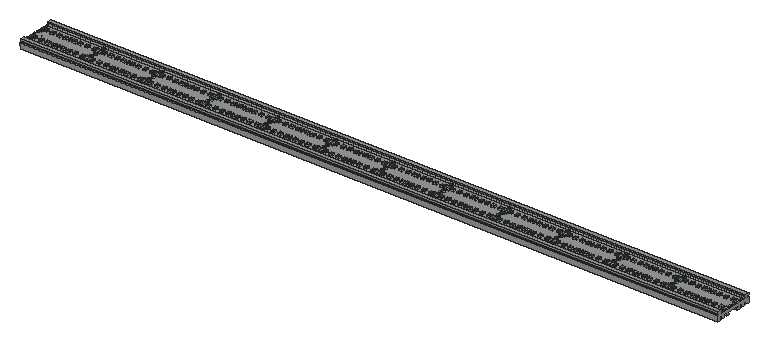
Revit family "LLED8050-UCW-4RF", category Lighting Fixtures, Revit 2017 (continued)
Forms (in)
  Extrusion 37, solid, material "Glass" <- "Bulb"
    sketch origin (-16, 0, 0) x (1, 0, 0) y (0, 1, 0)
      loop
        line (10.57569, 0.30974) -> (10.57569, 0.188) -> (10.69144, 0.188) -> (10.69144, 0.30974) -> (10.57569, 0.30974)
      loop
        line (10.34522, 0.30974) -> (10.34522, 0.188) -> (10.46097, 0.188) -> (10.46097, 0.30974) -> (10.34522, 0.30974)
      loop
        line (10.57569, -0.18786) -> (10.57569, -0.3096) -> (10.69144, -0.3096) -> (10.69144, -0.18786) -> (10.57569, -0.18786)
      loop
        line (10.34522, -0.18786) -> (10.34522, -0.3096) -> (10.46097, -0.3096) -> (10.46097, -0.18786) -> (10.34522, -0.18786)
      loop
        line (11.41152, 0.30974) -> (11.29577, 0.30974) -> (11.29577, 0.188) -> (11.41152, 0.188) -> (11.41152, 0.30974)
      loop
        line (11.64199, 0.30974) -> (11.52624, 0.30974) -> (11.52624, 0.188) -> (11.64199, 0.188) -> (11.64199, 0.30974)
      loop
        line (11.41152, -0.18786) -> (11.29577, -0.18786) -> (11.29577, -0.3096) -> (11.41152, -0.3096) -> (11.41152, -0.18786)
      loop
        line (11.64199, -0.18786) -> (11.52624, -0.18786) -> (11.52624, -0.3096) -> (11.64199, -0.3096) -> (11.64199, -0.18786)
    from -0.04963 to -0.12
  Extrusion 38, solid, material "Glass" <- "Bulb"
    sketch origin (-18, 0, 0) x (1, 0, 0) y (0, 1, 0)
      loop
        line (10.11087, 0.30974) -> (10.11087, 0.188) -> (10.22662, 0.188) -> (10.22662, 0.30974) -> (10.11087, 0.30974)
      loop
        line (10.78741, 0.30974) -> (10.78741, 0.188) -> (10.90316, 0.188) -> (10.90316, 0.30974) -> (10.78741, 0.30974)
      loop
        line (10.97221, 0.30974) -> (10.97221, 0.188) -> (11.015, 0.188) -> (11.015, 0.30974) -> (10.97221, 0.30974)
      loop
        line (11.88913, 0.30974) -> (11.77275, 0.30974) -> (11.77275, 0.188) -> (11.88913, 0.188) -> (11.88913, 0.30974)
      loop
        line (11.21259, 0.30974) -> (11.09684, 0.30974) -> (11.09684, 0.188) -> (11.21259, 0.188) -> (11.21259, 0.30974)
      loop
        line (10.11087, -0.3096) -> (10.22662, -0.3096) -> (10.22662, -0.18786) -> (10.11087, -0.18786) -> (10.11087, -0.3096)
      loop
        line (10.78741, -0.3096) -> (10.90316, -0.3096) -> (10.90316, -0.18786) -> (10.78741, -0.18786) -> (10.78741, -0.3096)
      loop
        line (10.97221, -0.3096) -> (11.015, -0.3096) -> (11.015, -0.18786) -> (10.97221, -0.18786) -> (10.97221, -0.3096)
      loop
        line (11.8885, -0.3096) -> (11.8885, -0.18786) -> (11.77275, -0.18786) -> (11.77275, -0.3096) -> (11.8885, -0.3096)
      loop
        line (11.21259, -0.3096) -> (11.21259, -0.18786) -> (11.09684, -0.18786) -> (11.09684, -0.3096) -> (11.21259, -0.3096)
      loop
        line (10.57569, 0.30974) -> (10.57569, 0.188) -> (10.69144, 0.188) -> (10.69144, 0.30974) -> (10.57569, 0.30974)
      loop
        line (10.34522, 0.30974) -> (10.34522, 0.188) -> (10.46097, 0.188) -> (10.46097, 0.30974) -> (10.34522, 0.30974)
      loop
        line (10.57569, -0.18786) -> (10.57569, -0.3096) -> (10.69144, -0.3096) -> (10.69144, -0.18786) -> (10.57569, -0.18786)
      loop
        line (10.34522, -0.18786) -> (10.34522, -0.3096) -> (10.46097, -0.3096) -> (10.46097, -0.18786) -> (10.34522, -0.18786)
      loop
        line (11.41152, 0.30974) -> (11.29577, 0.30974) -> (11.29577, 0.188) -> (11.41152, 0.188) -> (11.41152, 0.30974)
      loop
        line (11.64199, 0.30974) -> (11.52624, 0.30974) -> (11.52624, 0.188) -> (11.64199, 0.188) -> (11.64199, 0.30974)
      loop
        line (11.41152, -0.18786) -> (11.29577, -0.18786) -> (11.29577, -0.3096) -> (11.41152, -0.3096) -> (11.41152, -0.18786)
      loop
        line (11.64199, -0.18786) -> (11.52624, -0.18786) -> (11.52624, -0.3096) -> (11.64199, -0.3096) -> (11.64199, -0.18786)
    from -0.04963 to -0.12
  Extrusion 39, solid, material "Glass" <- "Bulb"
    sketch origin (-20, 0, 0) x (1, 0, 0) y (0, 1, 0)
      loop
        line (10.11087, 0.30974) -> (10.11087, 0.188) -> (10.22662, 0.188) -> (10.22662, 0.30974) -> (10.11087, 0.30974)
      loop
        line (10.78741, 0.30974) -> (10.78741, 0.188) -> (10.90316, 0.188) -> (10.90316, 0.30974) -> (10.78741, 0.30974)
      loop
        line (10.97221, 0.30974) -> (10.97221, 0.188) -> (11.015, 0.188) -> (11.015, 0.30974) -> (10.97221, 0.30974)
      loop
        line (11.88913, 0.30974) -> (11.77275, 0.30974) -> (11.77275, 0.188) -> (11.88913, 0.188) -> (11.88913, 0.30974)
      loop
        line (11.21259, 0.30974) -> (11.09684, 0.30974) -> (11.09684, 0.188) -> (11.21259, 0.188) -> (11.21259, 0.30974)
      loop
        line (10.11087, -0.3096) -> (10.22662, -0.3096) -> (10.22662, -0.18786) -> (10.11087, -0.18786) -> (10.11087, -0.3096)
      loop
        line (10.78741, -0.3096) -> (10.90316, -0.3096) -> (10.90316, -0.18786) -> (10.78741, -0.18786) -> (10.78741, -0.3096)
      loop
        line (10.97221, -0.3096) -> (11.015, -0.3096) -> (11.015, -0.18786) -> (10.97221, -0.18786) -> (10.97221, -0.3096)
      loop
        line (11.8885, -0.3096) -> (11.8885, -0.18786) -> (11.77275, -0.18786) -> (11.77275, -0.3096) -> (11.8885, -0.3096)
      loop
        line (11.21259, -0.3096) -> (11.21259, -0.18786) -> (11.09684, -0.18786) -> (11.09684, -0.3096) -> (11.21259, -0.3096)
      loop
        line (10.57569, 0.30974) -> (10.57569, 0.188) -> (10.69144, 0.188) -> (10.69144, 0.30974) -> (10.57569, 0.30974)
      loop
        line (10.34522, 0.30974) -> (10.34522, 0.188) -> (10.46097, 0.188) -> (10.46097, 0.30974) -> (10.34522, 0.30974)
      loop
        line (10.57569, -0.18786) -> (10.57569, -0.3096) -> (10.69144, -0.3096) -> (10.69144, -0.18786) -> (10.57569, -0.18786)
      loop
        line (10.34522, -0.18786) -> (10.34522, -0.3096) -> (10.46097, -0.3096) -> (10.46097, -0.18786) -> (10.34522, -0.18786)
      loop
        line (11.41152, 0.30974) -> (11.29577, 0.30974) -> (11.29577, 0.188) -> (11.41152, 0.188) -> (11.41152, 0.30974)
      loop
        line (11.64199, 0.30974) -> (11.52624, 0.30974) -> (11.52624, 0.188) -> (11.64199, 0.188) -> (11.64199, 0.30974)
      loop
        line (11.41152, -0.18786) -> (11.29577, -0.18786) -> (11.29577, -0.3096) -> (11.41152, -0.3096) -> (11.41152, -0.18786)
      loop
        line (11.64199, -0.18786) -> (11.52624, -0.18786) -> (11.52624, -0.3096) -> (11.64199, -0.3096) -> (11.64199, -0.18786)
    from -0.04963 to -0.12
Dimensions and locks (in)
  plane 5 to plane 8 = 0.300"
  "Length": plane 7 to plane 6
  plane 6 to plane 7 = 24.000"  (x2)
  level to plane 8 = 0.300"
  plane 6 to plane 3 "Light Source Axis (L/R)" to plane 7 = 12.000", 12.000"
  equal spacing: group 3, group 13, group 12, group 11, group 10, group 9, group 8, group 7, group 6, group 5, group 4, group 2
  equal spacing: group 2, group 4, group 5, group 6, group 7, group 8, group 9, group 10, group 11, group 12, group 13, group 3  (x2)
  equal spacing: plane 7, plane 3 "Light Source Axis (L/R)", plane 6
  plane 10 to plane 9 = 1.330"
  equal spacing: plane 10, plane 1 "Light Source Axis (F/B)", plane 9
  plane 9 to plane 10 = 1.330"
  aligned and locked: level to plane 2
  aligned and locked: Extrusion 15 to plane 6
  aligned and locked: Extrusion 15 to plane 7
  aligned and locked: plane 6 to Extrusion 15  (x2)
  aligned and locked: plane 7 to Extrusion 15
  aligned and locked: Extrusion 16 to plane 7
  aligned and locked: Extrusion 17 to plane 6
Automatic sketch dimensions
  Extrusion 15 sketch curve to level = 0.000"  (x2)
  Extrusion 15 sketch curve to plane 9 = 0.000"  (x2)
  Extrusion 15 sketch curve to plane 10 = 0.000"  (x2)
  plane 8 to Extrusion 15 sketch curve = 0.000"  (x6)
  Extrusion 15 sketch curve to level = 0.060"  (x3)
  Extrusion 15 sketch curve to Extrusion 15 sketch curve = 0.030"  (x2)
  Extrusion 15 sketch curve to Extrusion 15 sketch curve = 0.000"  (x2)
  Extrusion 15 sketch curve to Extrusion 15 sketch curve = 0.060"
  Extrusion 15 sketch curve to plane 8 = 0.100"  (x3)
  Extrusion 15 sketch curve to Extrusion 15 sketch curve = 0.080"
  Extrusion 15 sketch curve to plane 8 = 0.050"  (x2)
  Extrusion 15 sketch curve to Extrusion 15 sketch curve = 0.067"
  Extrusion 15 sketch curve to Extrusion 15 sketch curve = 0.033"
  Extrusion 15 sketch curve to Extrusion 15 sketch curve = 0.078"  (x2)
  Extrusion 15 sketch curve to Extrusion 15 sketch curve = 0.108"  (x3)
  Extrusion 15 sketch curve to Extrusion 15 sketch curve = 0.071"  (x2)
  Extrusion 15 sketch curve to Extrusion 15 sketch curve = 0.040"  (x2)
  Extrusion 15 sketch curve to Extrusion 15 sketch curve = 0.031"  (x2)
  plane 1 "Light Source Axis (F/B)" to Extrusion 15 sketch curve = 0.05752"
  Extrusion 15 sketch curve to plane 1 "Light Source Axis (F/B)" = 0.207"
  Extrusion 15 sketch curve to Extrusion 15 sketch curve = 0.145"
  Extrusion 15 sketch curve to Extrusion 15 sketch curve = 0.045"
  Extrusion 16 sketch curve to Extrusion 16 sketch curve = 0.000"  (x8)
  Extrusion 16 sketch curve to Extrusion 16 sketch curve = 0.01355"  (x8)
  Extrusion 16 sketch curve to Extrusion 16 sketch curve = 0.11087"  (x3)
  Extrusion 16 sketch curve to Extrusion 16 sketch curve = 0.09732"  (x4)
  Extrusion 16 sketch curve to Extrusion 16 sketch curve = 0.04308"  (x8)
  Extrusion 16 sketch curve to Extrusion 16 sketch curve = 0.0166"  (x8)
  Extrusion 16 sketch curve to Extrusion 16 sketch curve = 0.07046"  (x2)
  Extrusion 17 sketch curve to Extrusion 17 sketch curve = 0.000"  (x8)
  Extrusion 17 sketch curve to Extrusion 17 sketch curve = 0.01355"  (x8)
  Extrusion 17 sketch curve to Extrusion 17 sketch curve = 0.11087"  (x3)
  Extrusion 17 sketch curve to Extrusion 17 sketch curve = 0.09732"  (x4)
  Extrusion 17 sketch curve to Extrusion 17 sketch curve = 0.04308"  (x8)
  Extrusion 17 sketch curve to Extrusion 17 sketch curve = 0.0166"  (x8)
  Extrusion 17 sketch curve to Extrusion 17 sketch curve = 0.07046"  (x2)
  Extrusion 18 sketch curve to Extrusion 18 sketch curve = 0.000"  (x8)
  Extrusion 18 sketch curve to Extrusion 18 sketch curve = 0.01355"  (x8)
  Extrusion 18 sketch curve to Extrusion 18 sketch curve = 0.11087"  (x3)
  Extrusion 18 sketch curve to Extrusion 18 sketch curve = 0.09732"  (x4)
  Extrusion 18 sketch curve to Extrusion 18 sketch curve = 0.04308"  (x8)
  Extrusion 18 sketch curve to Extrusion 18 sketch curve = 0.0166"  (x8)
  Extrusion 18 sketch curve to Extrusion 18 sketch curve = 0.07046"  (x2)
  Extrusion 19 sketch curve to Extrusion 19 sketch curve = 0.000"  (x8)
  Extrusion 19 sketch curve to Extrusion 19 sketch curve = 0.01355"  (x8)
  Extrusion 19 sketch curve to Extrusion 19 sketch curve = 0.11087"  (x3)
  Extrusion 19 sketch curve to Extrusion 19 sketch curve = 0.09732"  (x4)
  Extrusion 19 sketch curve to Extrusion 19 sketch curve = 0.04308"  (x8)
  Extrusion 19 sketch curve to Extrusion 19 sketch curve = 0.0166"  (x8)
  Extrusion 19 sketch curve to Extrusion 19 sketch curve = 0.07046"  (x2)
  Extrusion 20 sketch curve to Extrusion 20 sketch curve = 0.000"  (x8)
  Extrusion 20 sketch curve to Extrusion 20 sketch curve = 0.01355"  (x8)
  Extrusion 20 sketch curve to Extrusion 20 sketch curve = 0.11087"  (x3)
  Extrusion 20 sketch curve to Extrusion 20 sketch curve = 0.09732"  (x4)
  Extrusion 20 sketch curve to Extrusion 20 sketch curve = 0.04308"  (x8)
  Extrusion 20 sketch curve to Extrusion 20 sketch curve = 0.0166"  (x8)
  Extrusion 20 sketch curve to Extrusion 20 sketch curve = 0.07046"  (x2)
  Extrusion 21 sketch curve to Extrusion 21 sketch curve = 0.000"  (x8)
  Extrusion 21 sketch curve to Extrusion 21 sketch curve = 0.01355"  (x8)
  Extrusion 21 sketch curve to Extrusion 21 sketch curve = 0.11087"  (x3)
  Extrusion 21 sketch curve to Extrusion 21 sketch curve = 0.09732"  (x4)
  Extrusion 21 sketch curve to Extrusion 21 sketch curve = 0.04308"  (x8)
  Extrusion 21 sketch curve to Extrusion 21 sketch curve = 0.0166"  (x8)
  Extrusion 21 sketch curve to Extrusion 21 sketch curve = 0.07046"  (x2)
  Extrusion 22 sketch curve to Extrusion 22 sketch curve = 0.000"  (x8)
  Extrusion 22 sketch curve to Extrusion 22 sketch curve = 0.01355"  (x8)
  Extrusion 22 sketch curve to Extrusion 22 sketch curve = 0.11087"  (x3)
  Extrusion 22 sketch curve to Extrusion 22 sketch curve = 0.09732"  (x4)
  Extrusion 22 sketch curve to Extrusion 22 sketch curve = 0.04308"  (x8)
  Extrusion 22 sketch curve to Extrusion 22 sketch curve = 0.0166"  (x8)
  Extrusion 22 sketch curve to Extrusion 22 sketch curve = 0.07046"  (x2)
  Extrusion 23 sketch curve to Extrusion 23 sketch curve = 0.000"  (x8)
  Extrusion 23 sketch curve to Extrusion 23 sketch curve = 0.01355"  (x8)
  Extrusion 23 sketch curve to Extrusion 23 sketch curve = 0.11087"  (x3)
  Extrusion 23 sketch curve to Extrusion 23 sketch curve = 0.09732"  (x4)
  Extrusion 23 sketch curve to Extrusion 23 sketch curve = 0.04308"  (x8)
  Extrusion 23 sketch curve to Extrusion 23 sketch curve = 0.0166"  (x8)
  Extrusion 23 sketch curve to Extrusion 23 sketch curve = 0.07046"  (x2)
  Extrusion 24 sketch curve to Extrusion 24 sketch curve = 0.000"  (x8)
  Extrusion 24 sketch curve to Extrusion 24 sketch curve = 0.01355"  (x8)
  Extrusion 24 sketch curve to Extrusion 24 sketch curve = 0.11087"  (x3)
  Extrusion 24 sketch curve to Extrusion 24 sketch curve = 0.09732"  (x4)
  Extrusion 24 sketch curve to Extrusion 24 sketch curve = 0.04308"  (x8)
  Extrusion 24 sketch curve to Extrusion 24 sketch curve = 0.0166"  (x8)
  Extrusion 24 sketch curve to Extrusion 24 sketch curve = 0.07046"  (x2)
  Extrusion 25 sketch curve to Extrusion 25 sketch curve = 0.000"  (x8)
  Extrusion 25 sketch curve to Extrusion 25 sketch curve = 0.01355"  (x8)
  Extrusion 25 sketch curve to Extrusion 25 sketch curve = 0.11087"  (x3)
  Extrusion 25 sketch curve to Extrusion 25 sketch curve = 0.09732"  (x4)
  Extrusion 25 sketch curve to Extrusion 25 sketch curve = 0.04308"  (x8)
  Extrusion 25 sketch curve to Extrusion 25 sketch curve = 0.0166"  (x8)
  Extrusion 25 sketch curve to Extrusion 25 sketch curve = 0.07046"  (x2)
  Extrusion 26 sketch curve to Extrusion 26 sketch curve = 0.000"  (x8)
  Extrusion 26 sketch curve to Extrusion 26 sketch curve = 0.01355"  (x8)
  Extrusion 26 sketch curve to Extrusion 26 sketch curve = 0.11087"  (x3)
  Extrusion 26 sketch curve to Extrusion 26 sketch curve = 0.09732"  (x4)
  Extrusion 26 sketch curve to Extrusion 26 sketch curve = 0.04308"  (x8)
  Extrusion 26 sketch curve to Extrusion 26 sketch curve = 0.0166"  (x8)
  Extrusion 26 sketch curve to Extrusion 26 sketch curve = 0.07046"  (x2)
  Extrusion 27 sketch curve to Extrusion 27 sketch curve = 0.000"  (x8)
  Extrusion 27 sketch curve to Extrusion 27 sketch curve = 0.01355"  (x8)
  Extrusion 27 sketch curve to Extrusion 27 sketch curve = 0.11087"  (x3)
  Extrusion 27 sketch curve to Extrusion 27 sketch curve = 0.09732"  (x4)
  Extrusion 27 sketch curve to Extrusion 27 sketch curve = 0.04308"  (x8)
  Extrusion 27 sketch curve to Extrusion 27 sketch curve = 0.0166"  (x8)
  Extrusion 27 sketch curve to Extrusion 27 sketch curve = 0.07046"  (x2)
  Extrusion 28 sketch curve to Extrusion 28 sketch curve = 0.000"  (x27)
  Extrusion 28 sketch curve to Extrusion 28 sketch curve = 0.11575"  (x22)
  Extrusion 28 sketch curve to Extrusion 28 sketch curve = 0.06905"  (x4)
  Extrusion 28 sketch curve to Extrusion 28 sketch curve = 0.04279"  (x4)
  Extrusion 28 sketch curve to Extrusion 28 sketch curve = 0.08184"  (x4)
  Extrusion 28 sketch curve to Extrusion 28 sketch curve = 0.11638"  (x2)
  Extrusion 28 sketch curve to Extrusion 28 sketch curve = 0.12174"  (x18)
  Extrusion 16 sketch curve to Extrusion 16 sketch curve = 1.77827"
  Extrusion 16 sketch curve to Extrusion 16 sketch curve = 0.22149"  (x4)
  Extrusion 17 sketch curve to Extrusion 17 sketch curve = 1.77827"
  Extrusion 17 sketch curve to Extrusion 17 sketch curve = 0.22149"  (x4)
  Extrusion 18 sketch curve to Extrusion 18 sketch curve = 1.77827"
  Extrusion 18 sketch curve to Extrusion 18 sketch curve = 0.22149"  (x4)
  Extrusion 19 sketch curve to Extrusion 19 sketch curve = 1.77827"
  Extrusion 19 sketch curve to Extrusion 19 sketch curve = 0.22149"  (x4)
  Extrusion 20 sketch curve to Extrusion 20 sketch curve = 1.77827"
  Extrusion 20 sketch curve to Extrusion 20 sketch curve = 0.22149"  (x4)
  Extrusion 21 sketch curve to Extrusion 21 sketch curve = 1.77827"
  Extrusion 21 sketch curve to Extrusion 21 sketch curve = 0.22149"  (x4)
  Extrusion 22 sketch curve to Extrusion 22 sketch curve = 1.77827"
  Extrusion 22 sketch curve to Extrusion 22 sketch curve = 0.22149"  (x4)
  Extrusion 23 sketch curve to Extrusion 23 sketch curve = 1.77827"
  Extrusion 23 sketch curve to Extrusion 23 sketch curve = 0.22149"  (x4)
  Extrusion 24 sketch curve to Extrusion 24 sketch curve = 1.77827"
  Extrusion 24 sketch curve to Extrusion 24 sketch curve = 0.22149"  (x4)
  Extrusion 25 sketch curve to Extrusion 25 sketch curve = 1.77827"
  Extrusion 25 sketch curve to Extrusion 25 sketch curve = 0.22149"  (x4)
  Extrusion 26 sketch curve to Extrusion 26 sketch curve = 1.77827"
  Extrusion 26 sketch curve to Extrusion 26 sketch curve = 0.22149"  (x4)
  Extrusion 27 sketch curve to Extrusion 27 sketch curve = 1.77827"
  Extrusion 27 sketch curve to Extrusion 27 sketch curve = 0.22149"  (x4)
  Extrusion 28 sketch curve to Extrusion 28 sketch curve = 0.1186"  (x2)
  Extrusion 28 sketch curve to Extrusion 28 sketch curve = 0.11472"  (x4)
  Extrusion 28 sketch curve to Extrusion 28 sketch curve = 0.09597"  (x2)
  Extrusion 28 sketch curve to Extrusion 28 sketch curve = 0.08318"  (x2)
  Extrusion 28 sketch curve to Extrusion 28 sketch curve = 0.13076"  (x2)
  Extrusion 28 sketch curve to Extrusion 28 sketch curve = 0.37586"  (x3)
  Extrusion 29 sketch curve to Extrusion 29 sketch curve = 0.000"  (x22)
  Extrusion 29 sketch curve to Extrusion 29 sketch curve = 0.11575"  (x15)
  Extrusion 29 sketch curve to Extrusion 29 sketch curve = 0.1186"  (x2)
  Extrusion 29 sketch curve to Extrusion 29 sketch curve = 0.11472"  (x4)
  Extrusion 29 sketch curve to Extrusion 29 sketch curve = 0.09597"  (x2)
  Extrusion 29 sketch curve to Extrusion 29 sketch curve = 0.06905"  (x2)
  Extrusion 29 sketch curve to Extrusion 29 sketch curve = 0.04279"  (x2)
  Extrusion 29 sketch curve to Extrusion 29 sketch curve = 0.08184"  (x2)
  Extrusion 29 sketch curve to Extrusion 29 sketch curve = 0.08318"  (x2)
  Extrusion 29 sketch curve to Extrusion 29 sketch curve = 0.13076"  (x2)
  Extrusion 29 sketch curve to Extrusion 29 sketch curve = 0.11638"
  Extrusion 29 sketch curve to Extrusion 29 sketch curve = 0.12174"  (x11)
  Extrusion 29 sketch curve to Extrusion 29 sketch curve = 0.37586"  (x3)
  Extrusion 30 sketch curve to Extrusion 30 sketch curve = 0.000"  (x22)
  Extrusion 30 sketch curve to Extrusion 30 sketch curve = 0.11575"  (x15)
  Extrusion 30 sketch curve to Extrusion 30 sketch curve = 0.1186"  (x2)
  Extrusion 30 sketch curve to Extrusion 30 sketch curve = 0.11472"  (x4)
  Extrusion 30 sketch curve to Extrusion 30 sketch curve = 0.09597"  (x2)
  Extrusion 30 sketch curve to Extrusion 30 sketch curve = 0.06905"  (x2)
  Extrusion 30 sketch curve to Extrusion 30 sketch curve = 0.04279"  (x2)
  Extrusion 30 sketch curve to Extrusion 30 sketch curve = 0.08184"  (x2)
  Extrusion 30 sketch curve to Extrusion 30 sketch curve = 0.08318"  (x2)
  Extrusion 30 sketch curve to Extrusion 30 sketch curve = 0.13076"  (x2)
  Extrusion 30 sketch curve to Extrusion 30 sketch curve = 0.11638"
  Extrusion 30 sketch curve to Extrusion 30 sketch curve = 0.12174"  (x11)
  Extrusion 30 sketch curve to Extrusion 30 sketch curve = 0.37586"  (x3)
  Extrusion 31 sketch curve to Extrusion 31 sketch curve = 0.000"  (x22)
  Extrusion 31 sketch curve to Extrusion 31 sketch curve = 0.11575"  (x15)
  Extrusion 31 sketch curve to Extrusion 31 sketch curve = 0.1186"  (x2)
  Extrusion 31 sketch curve to Extrusion 31 sketch curve = 0.11472"  (x4)
  Extrusion 31 sketch curve to Extrusion 31 sketch curve = 0.09597"  (x2)
  Extrusion 31 sketch curve to Extrusion 31 sketch curve = 0.06905"  (x2)
  Extrusion 31 sketch curve to Extrusion 31 sketch curve = 0.04279"  (x2)
  Extrusion 31 sketch curve to Extrusion 31 sketch curve = 0.08184"  (x2)
  Extrusion 31 sketch curve to Extrusion 31 sketch curve = 0.08318"  (x2)
  Extrusion 31 sketch curve to Extrusion 31 sketch curve = 0.13076"  (x2)
  Extrusion 31 sketch curve to Extrusion 31 sketch curve = 0.11638"
  Extrusion 31 sketch curve to Extrusion 31 sketch curve = 0.12174"  (x11)
  Extrusion 31 sketch curve to Extrusion 31 sketch curve = 0.37586"  (x3)
  Extrusion 32 sketch curve to Extrusion 32 sketch curve = 0.000"  (x22)
  Extrusion 32 sketch curve to Extrusion 32 sketch curve = 0.11575"  (x15)
  Extrusion 32 sketch curve to Extrusion 32 sketch curve = 0.1186"  (x2)
  Extrusion 32 sketch curve to Extrusion 32 sketch curve = 0.11472"  (x4)
  Extrusion 32 sketch curve to Extrusion 32 sketch curve = 0.09597"  (x2)
  Extrusion 32 sketch curve to Extrusion 32 sketch curve = 0.06905"  (x2)
  Extrusion 32 sketch curve to Extrusion 32 sketch curve = 0.04279"  (x2)
  Extrusion 32 sketch curve to Extrusion 32 sketch curve = 0.08184"  (x2)
  Extrusion 32 sketch curve to Extrusion 32 sketch curve = 0.08318"  (x2)
  Extrusion 32 sketch curve to Extrusion 32 sketch curve = 0.13076"  (x2)
  Extrusion 32 sketch curve to Extrusion 32 sketch curve = 0.11638"
  Extrusion 32 sketch curve to Extrusion 32 sketch curve = 0.12174"  (x11)
  Extrusion 32 sketch curve to Extrusion 32 sketch curve = 0.37586"  (x3)
  Extrusion 33 sketch curve to Extrusion 33 sketch curve = 0.000"  (x22)
  Extrusion 33 sketch curve to Extrusion 33 sketch curve = 0.11575"  (x15)
  Extrusion 33 sketch curve to Extrusion 33 sketch curve = 0.1186"  (x2)
  Extrusion 33 sketch curve to Extrusion 33 sketch curve = 0.11472"  (x4)
  Extrusion 33 sketch curve to Extrusion 33 sketch curve = 0.09597"  (x2)
  Extrusion 33 sketch curve to Extrusion 33 sketch curve = 0.06905"  (x2)
  Extrusion 33 sketch curve to Extrusion 33 sketch curve = 0.04279"  (x2)
  Extrusion 33 sketch curve to Extrusion 33 sketch curve = 0.08184"  (x2)
  Extrusion 33 sketch curve to Extrusion 33 sketch curve = 0.08318"  (x2)
  Extrusion 33 sketch curve to Extrusion 33 sketch curve = 0.13076"  (x2)
  Extrusion 33 sketch curve to Extrusion 33 sketch curve = 0.11638"
  Extrusion 33 sketch curve to Extrusion 33 sketch curve = 0.12174"  (x11)
  Extrusion 33 sketch curve to Extrusion 33 sketch curve = 0.37586"  (x3)
  Extrusion 34 sketch curve to Extrusion 34 sketch curve = 0.000"  (x22)
  Extrusion 34 sketch curve to Extrusion 34 sketch curve = 0.11575"  (x15)
  Extrusion 34 sketch curve to Extrusion 34 sketch curve = 0.1186"  (x2)
  Extrusion 34 sketch curve to Extrusion 34 sketch curve = 0.11472"  (x4)
  Extrusion 34 sketch curve to Extrusion 34 sketch curve = 0.09597"  (x2)
  Extrusion 34 sketch curve to Extrusion 34 sketch curve = 0.06905"  (x2)
  Extrusion 34 sketch curve to Extrusion 34 sketch curve = 0.04279"  (x2)
  Extrusion 34 sketch curve to Extrusion 34 sketch curve = 0.08184"  (x2)
  Extrusion 34 sketch curve to Extrusion 34 sketch curve = 0.08318"  (x2)
  Extrusion 34 sketch curve to Extrusion 34 sketch curve = 0.13076"  (x2)
  Extrusion 34 sketch curve to Extrusion 34 sketch curve = 0.11638"
  Extrusion 34 sketch curve to Extrusion 34 sketch curve = 0.12174"  (x11)
  Extrusion 34 sketch curve to Extrusion 34 sketch curve = 0.37586"  (x3)
  Extrusion 35 sketch curve to Extrusion 35 sketch curve = 0.000"  (x22)
  Extrusion 35 sketch curve to Extrusion 35 sketch curve = 0.11575"  (x15)
  Extrusion 35 sketch curve to Extrusion 35 sketch curve = 0.1186"  (x2)
  Extrusion 35 sketch curve to Extrusion 35 sketch curve = 0.11472"  (x4)
  Extrusion 35 sketch curve to Extrusion 35 sketch curve = 0.09597"  (x2)
  Extrusion 35 sketch curve to Extrusion 35 sketch curve = 0.06905"  (x2)
  Extrusion 35 sketch curve to Extrusion 35 sketch curve = 0.04279"  (x2)
  Extrusion 35 sketch curve to Extrusion 35 sketch curve = 0.08184"  (x2)
  Extrusion 35 sketch curve to Extrusion 35 sketch curve = 0.08318"  (x2)
  Extrusion 35 sketch curve to Extrusion 35 sketch curve = 0.13076"  (x2)
  Extrusion 35 sketch curve to Extrusion 35 sketch curve = 0.11638"
  Extrusion 35 sketch curve to Extrusion 35 sketch curve = 0.12174"  (x11)
  Extrusion 35 sketch curve to Extrusion 35 sketch curve = 0.37586"  (x3)
  Extrusion 36 sketch curve to Extrusion 36 sketch curve = 0.000"  (x22)
  Extrusion 36 sketch curve to Extrusion 36 sketch curve = 0.11575"  (x15)
  Extrusion 36 sketch curve to Extrusion 36 sketch curve = 0.1186"  (x2)
  Extrusion 36 sketch curve to Extrusion 36 sketch curve = 0.11472"  (x4)
  Extrusion 36 sketch curve to Extrusion 36 sketch curve = 0.09597"  (x2)
  Extrusion 36 sketch curve to Extrusion 36 sketch curve = 0.06905"  (x2)
  Extrusion 36 sketch curve to Extrusion 36 sketch curve = 0.04279"  (x2)
  Extrusion 36 sketch curve to Extrusion 36 sketch curve = 0.08184"  (x2)
  Extrusion 36 sketch curve to Extrusion 36 sketch curve = 0.08318"  (x2)
  Extrusion 36 sketch curve to Extrusion 36 sketch curve = 0.13076"  (x2)
  Extrusion 36 sketch curve to Extrusion 36 sketch curve = 0.11638"
  Extrusion 36 sketch curve to Extrusion 36 sketch curve = 0.12174"  (x11)
  Extrusion 36 sketch curve to Extrusion 36 sketch curve = 0.37586"  (x3)
  Extrusion 37 sketch curve to Extrusion 37 sketch curve = 0.000"  (x22)
  Extrusion 37 sketch curve to Extrusion 37 sketch curve = 0.11575"  (x15)
  Extrusion 37 sketch curve to Extrusion 37 sketch curve = 0.1186"  (x2)
  Extrusion 37 sketch curve to Extrusion 37 sketch curve = 0.11472"  (x4)
  Extrusion 37 sketch curve to Extrusion 37 sketch curve = 0.09597"  (x2)
  Extrusion 37 sketch curve to Extrusion 37 sketch curve = 0.06905"  (x2)
  Extrusion 37 sketch curve to Extrusion 37 sketch curve = 0.04279"  (x2)
  Extrusion 37 sketch curve to Extrusion 37 sketch curve = 0.08184"  (x2)
  Extrusion 37 sketch curve to Extrusion 37 sketch curve = 0.08318"  (x2)
  Extrusion 37 sketch curve to Extrusion 37 sketch curve = 0.13076"  (x2)
  Extrusion 37 sketch curve to Extrusion 37 sketch curve = 0.11638"
  Extrusion 37 sketch curve to Extrusion 37 sketch curve = 0.12174"  (x11)
  Extrusion 37 sketch curve to Extrusion 37 sketch curve = 0.37586"  (x3)
  Extrusion 38 sketch curve to Extrusion 38 sketch curve = 0.000"  (x22)
  Extrusion 38 sketch curve to Extrusion 38 sketch curve = 0.11575"  (x15)
  Extrusion 38 sketch curve to Extrusion 38 sketch curve = 0.1186"  (x2)
  Extrusion 38 sketch curve to Extrusion 38 sketch curve = 0.11472"  (x4)
  Extrusion 38 sketch curve to Extrusion 38 sketch curve = 0.09597"  (x2)
  Extrusion 38 sketch curve to Extrusion 38 sketch curve = 0.06905"  (x2)
  Extrusion 38 sketch curve to Extrusion 38 sketch curve = 0.04279"  (x2)
  Extrusion 38 sketch curve to Extrusion 38 sketch curve = 0.08184"  (x2)
  Extrusion 38 sketch curve to Extrusion 38 sketch curve = 0.08318"  (x2)
  Extrusion 38 sketch curve to Extrusion 38 sketch curve = 0.13076"  (x2)
  Extrusion 38 sketch curve to Extrusion 38 sketch curve = 0.11638"
  Extrusion 38 sketch curve to Extrusion 38 sketch curve = 0.12174"  (x11)
  Extrusion 38 sketch curve to Extrusion 38 sketch curve = 0.37586"  (x3)
  Extrusion 39 sketch curve to Extrusion 39 sketch curve = 0.000"  (x22)
  Extrusion 39 sketch curve to Extrusion 39 sketch curve = 0.11575"  (x15)
  Extrusion 39 sketch curve to Extrusion 39 sketch curve = 0.1186"  (x2)
  Extrusion 39 sketch curve to Extrusion 39 sketch curve = 0.11472"  (x4)
  Extrusion 39 sketch curve to Extrusion 39 sketch curve = 0.09597"  (x2)
  Extrusion 39 sketch curve to Extrusion 39 sketch curve = 0.06905"  (x2)
  Extrusion 39 sketch curve to Extrusion 39 sketch curve = 0.04279"  (x2)
  Extrusion 39 sketch curve to Extrusion 39 sketch curve = 0.08184"  (x2)
  Extrusion 39 sketch curve to Extrusion 39 sketch curve = 0.08318"  (x2)
  Extrusion 39 sketch curve to Extrusion 39 sketch curve = 0.13076"  (x2)
  Extrusion 39 sketch curve to Extrusion 39 sketch curve = 0.11638"
  Extrusion 39 sketch curve to Extrusion 39 sketch curve = 0.12174"  (x11)
  Extrusion 39 sketch curve to Extrusion 39 sketch curve = 0.37586"  (x3)
